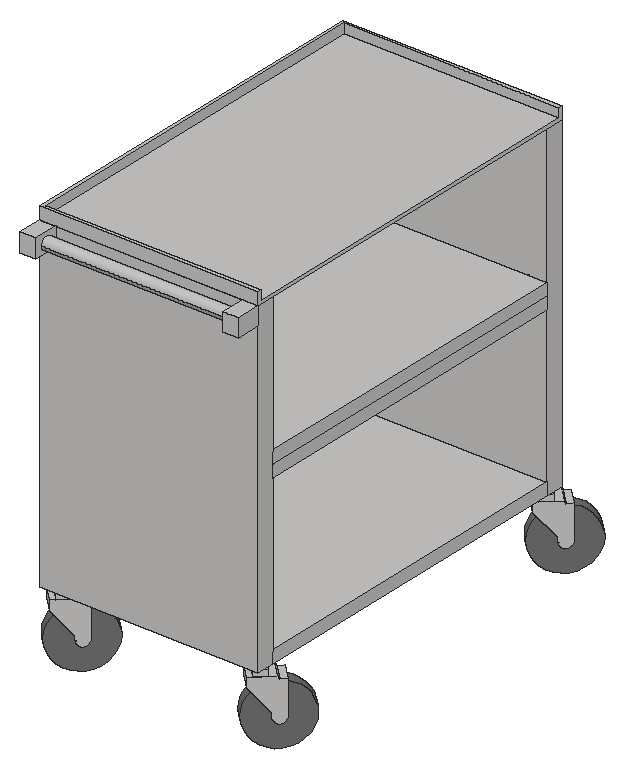
Revit family "QF_Vollrath_97181", category Specialty Equipment, Revit 2016
Family settings
  Part Type = Normal
  Round Connector Dimension = Use Diameter
  OmniClass Number = 23.40.40.14.17
  OmniClass Title = Food Cooking Equipment
  Work Plane-Based = No
  Always vertical = Yes
  Cut with Voids When Loaded = No
  Shared = No
  Room Calculation Point = No
Parameters (values of type "97182")
  Width [instance] = 17.75"
  Weight in Pounds = 75.35
  Watermarked By = "http://revitwatermark.com"
  URL Cutsheet = ""
  URL = ""
  Status [instance] = ""
  Specification by User [instance] = ""
  Specification by Manufacturer [instance] = ""
  Serial Number [instance] = ""
  Seismic Rating [instance] = ""
  Revision Code [instance] = ""
  NAFEM Spec ID Number [instance] = ""
  Model = "97182"
  Masterspec = ""
  Manufacturer = "Vollrath"
  Item Number [instance] = "-"
  Installed By [instance] = ""
  Identify Quantity as Lot [instance] = no
  Furnished By [instance] = ""
  Foodservice Equipment Identifier [instance] = yes
  Description = "Cart, Bussing"
  Depth [instance] = 39.25"
  CSI MasterFormat = "11 48 13"
  Assembly Code = "E1090320"
Reference planes (in)
  plane 1 "BACK": y = -5.12
  plane 2: z = 0
  plane 3 "LEFT": x = 0
  plane 4 "TOP": z = 33.75
  plane 5 "RIGHT": x = 17.75
  plane 6 "FRONT": y = -37.97
  plane 7: z = 6
  plane 8: z = 7
  plane 9: x = 1.5
  plane 10: y = -6.62
  plane 11: x = 16.25
  plane 12: y = -35.97
  plane 13: y = -21.545
  plane 14: z = 19.56
  plane 15: x = 8.875
  plane 16: y = -34.47
  plane 17: z = 32.75
Forms (in)
  Extrusion 1, solid, material "QF_Finishes_Stainless Steel"
    sketch origin (0, 0, 16.75) x (-1, 0, 0) y (0, -1, 0)
      loop
        line (-17.75, 6.62) -> (-17.75, 5.12) -> (0, 5.12) -> (0, 35.97) -> (-17.75, 35.97) -> (-17.75, 34.47) -> (-1.5, 34.47) -> (-1.5, 6.62) -> (-17.75, 6.62)
    from -10.75 to 16
  Extrusion 2, solid, material "QF_Finishes_Stainless Steel"
    sketch origin (0, 0, 16.75) x (-1, 0, 0) y (0, -1, 0)
      loop
        line (-1.5, 6.62) -> (-1.5, 34.47) -> (-16.25, 34.47) -> (-17.75, 34.47) -> (-17.75, 6.62) -> (-16.25, 6.62) -> (-1.5, 6.62)
    from -10.75 to -9.75
  Extrusion 3, solid, material "QF_Finishes_Stainless Steel"
    sketch origin (0, 2, 0) x (0, 1, 0) y (0, 0, 1)
      loop
        line (-37.97, 31.25) -> (-37.97, 32.75) -> (-39.97, 32.75) -> (-39.97, 31.25) -> (-37.97, 31.25)
    from 0 to 1.27197
  Extrusion 4, solid, material "QF_Finishes_Stainless Steel"
    sketch origin (0, 2, 0) x (0, 1, 0) y (0, 0, 1)
      loop
        circle (-38.94025, 31.98636) r 0.5
    from 1.27197 to 16.47803
  Extrusion 5, solid, material "QF_Finishes_Stainless Steel"
    sketch origin (0, 0, 30.31) x (-1, 0, 0) y (0, -1, 0)
      loop
        line (-1.5, 6.62) -> (-1.5, 34.47) -> (-16.25, 34.47) -> (-17.75, 34.47) -> (-17.75, 6.62) -> (-16.25, 6.62) -> (-1.5, 6.62)
    from -10.75 to -9.75
  Extrusion 6, solid, material "QF_Finishes_Stainless Steel"
    sketch origin (0, -0.03855, 31.31) x (-1, 0, 0) y (0, -1, 0)
      loop
        line (-1.5, 6.58145) -> (-1.5, 6.62) -> (-1.5, 34.43145) -> (-16.25, 34.43145) -> (-17.75, 34.43145) -> (-17.75, 6.62) -> (-16.25, 6.62) -> (-16.25, 6.58145) -> (-1.5, 6.58145)
    from -10.75 to -9.75
  Extrusion 7, solid, material "QF_Finishes_Stainless Steel"
    sketch origin (17.75, 2, 0) x (0, 1, 0) y (0, 0, -1)
      loop
        line (-37.97, -31.25) -> (-39.97, -31.25) -> (-39.97, -32.75) -> (-37.97, -32.75) -> (-37.97, -31.25)
    from 0 to 1.27197
  Sweep 8, solid, material "QF_Finishes_Stainless Steel"
    path origin (0, 0, 0) x (1, 0, 0) y (0, 1, 0)
      loop
        line (17.75, -5.12) -> (0, -5.12) -> (0, -35.97) -> (17.75, -35.97)
    profile origin (8.875, -5.12, 0) x (0, -1, 0) y (0, 0, 1)
      loop
        line (1.5, 32.75) -> (1.5, 33) -> (0.25, 33) -> (0.25, 33.75) -> (0, 33.75) -> (0, 32.75) -> (1.5, 32.75)
  Extrusion 9, solid, material "QF_Finishes_Stainless Steel"
    sketch origin (0, 0, 16.75) x (-1, 0, 0) y (0, -1, 0)
      loop
        line (-1.5, 6.62) -> (-1.5, 34.47) -> (-17.75, 34.47) -> (-17.75, 6.62) -> (-1.5, 6.62)
    from 16 to 16.25
Cuts and joins
  joined: Sweep 8, Extrusion 9
Lines and regions (in)
  symbolic lines
    curve 1: line (0, -5.12, 16.75) -> (0, -35.97, 16.75)
    curve 2: line (17.75, -35.97, 16.75) -> (17.75, -5.12, 16.75)
    curve 3: line (0, -35.97, 16.75) -> (17.75, -35.97, 16.75)
    curve 4: line (17.75, -37.97, 16.75) -> (16.47803, -37.97, 16.75)
    curve 5: line (16.47803, -35.97, 16.75) -> (16.47803, -37.97, 16.75)
    curve 6: line (16.47803, -37.44025, 16.75) -> (1.27197, -37.44025, 16.75)
    curve 7: line (1.27197, -37.97, 16.75) -> (1.27197, -35.97, 16.75)
    curve 8: line (1.27197, -37.97, 16.75) -> (0, -37.97, 16.75)
    curve 9: line (0, -35.97, 16.75) -> (0, -37.97, 16.75)
    curve 10: line (1.27197, -36.47, 16.75) -> (16.47803, -36.47, 16.75)
    curve 11: line (17.75, -35.97, 16.75) -> (17.75, -37.97, 16.75)
    curve 12: line (17.75, -5.12, 16.75) -> (0, -5.12, 16.75)
Dimensions and locks (in)
  plane 4 "TOP" to level = 33.75"
  "Width": plane 3 "LEFT" to plane 5 "RIGHT"
  plane 10 to plane 1 "BACK" = 1.50"
  plane 6 "FRONT" to plane 12 = 2.00"
  plane 6 "FRONT" to plane 1 "BACK" = 32.85"
  equal spacing: plane 6 "FRONT", plane 13, plane 1 "BACK"
  plane 1 "BACK" to plane 6 "FRONT" = 32.85"
  equal spacing: plane 5 "RIGHT", plane 15, plane 3 "LEFT"
  plane 16 to plane 12 = 1.50"
  plane 3 "LEFT" to plane 9 = 1.50"
  plane 11 to plane 5 "RIGHT" = 1.50"
  aligned and locked: level to plane 2
  aligned: Extrusion 1 to Extrusion 2  (x2)
  aligned: plane 16 to Extrusion 1
Automatic sketch dimensions
  Extrusion 2 sketch curve to plane 5 "RIGHT" = 0.00"
  plane 1 "BACK" to Extrusion 2 sketch curve = 1.50"
  Extrusion 2 sketch curve to plane 11 = 0.00"  (x4)
  Extrusion 2 sketch curve to plane 9 = 0.00"  (x2)
  plane 3 "LEFT" to Extrusion 2 sketch curve = 1.50"
  plane 10 to Extrusion 2 sketch curve = 0.00"  (x2)
  Extrusion 2 sketch curve to plane 12 = 1.50"  (x2)
  Extrusion 3 sketch curve to plane 6 "FRONT" = 0.00"
  Extrusion 3 sketch curve to plane 12 = 0.00"
  Extrusion 3 sketch curve to plane 4 "TOP" = 2.50"
  Extrusion 3 sketch curve to plane 4 "TOP" = 1.00"
  plane 12 to Extrusion 4 sketch curve = 0.97025"
  Extrusion 4 sketch curve to plane 4 "TOP" = 1.76364"
  Extrusion 5 sketch curve to plane 5 "RIGHT" = 0.00"
  plane 1 "BACK" to Extrusion 5 sketch curve = 1.50"
  Extrusion 5 sketch curve to plane 11 = 0.00"  (x4)
  Extrusion 5 sketch curve to plane 9 = 0.00"  (x2)
  plane 3 "LEFT" to Extrusion 5 sketch curve = 1.50"
  plane 10 to Extrusion 5 sketch curve = 0.00"  (x2)
  Extrusion 5 sketch curve to plane 12 = 1.50"  (x2)
  Extrusion 6 sketch curve to plane 5 "RIGHT" = 0.00"
  Extrusion 6 sketch curve to plane 11 = 0.00"  (x3)
  Extrusion 6 sketch curve to plane 9 = 0.00"  (x2)
  plane 3 "LEFT" to Extrusion 6 sketch curve = 1.50"
  plane 1 "BACK" to Extrusion 6 sketch curve = 1.50"
  plane 10 to Extrusion 6 sketch curve = 0.03855"  (x2)
  Extrusion 6 sketch curve to plane 12 = 1.50"  (x2)
  Extrusion 7 sketch curve to plane 6 "FRONT" = 0.00"
  Extrusion 7 sketch curve to plane 12 = 0.00"
  Extrusion 7 sketch curve to plane 4 "TOP" = 1.00"
  Extrusion 7 sketch curve to Extrusion 7 sketch curve = 1.50"
  plane 1 "BACK" to Sweep 8 sketch curve = 0.00"
  Sweep 8 sketch curve to plane 3 "LEFT" = 0.00"
  Sweep 8 sketch curve to plane 5 "RIGHT" = 0.00"  (x2)
  plane 12 to Sweep 8 sketch curve = 0.00"
  Sweep 8 sketch curve to profile plane = 0.00"
  Sweep 8 sketch curve to Sweep 8 sketch curve = 0.25"  (x2)
  Sweep 8 sketch curve to Sweep 8 sketch curve = 1.25"
  level to Sweep 8 sketch curve = 32.75"
  Sweep 8 sketch curve to Sweep 8 sketch curve = 0.75"
  Extrusion 9 sketch curve to plane 5 "RIGHT" = 0.00"
  Extrusion 9 sketch curve to plane 9 = 0.00"
  Extrusion 9 sketch curve to plane 16 = 0.00"
  plane 10 to Extrusion 9 sketch curve = 0.00"
  Extrusion 1 sketch curve to plane 5 "RIGHT" = 0.00"  (x2)
  Extrusion 1 sketch curve to plane 9 = 0.00"
  plane 1 "BACK" to Extrusion 1 sketch curve = 0.00"
  Extrusion 1 sketch curve to plane 3 "LEFT" = 0.00"
  plane 10 to Extrusion 1 sketch curve = 0.00"
  Extrusion 1 sketch curve to plane 16 = 0.00"
  plane 12 to Extrusion 1 sketch curve = 0.00"
  Extrusion 6 sketch curve to plane 16 = 0.00"
  Extrusion 5 sketch curve to plane 16 = 0.00"
  Extrusion 2 sketch curve to plane 16 = 0.00"
  Extrusion 6 sketch curve to Extrusion 6 sketch curve = 0.00"
  curve 11 to plane 5 "RIGHT" = 0.00"
  plane 6 "FRONT" to curve 4 = 0.00"
  plane 12 to curve 5 = 0.00"
  plane 6 "FRONT" to curve 7 = 0.00"
  curve 9 to plane 3 "LEFT" = 0.00"
  plane 1 "BACK" to curve 1 = 0.00"
  plane 11 to curve 4 = 0.22803"
  curve 6 to plane 9 = 0.22803"
  curve 7 to curve 10 = 0.50"
  curve 6 to plane 6 "FRONT" = 0.52975"
  radius of Extrusion 4 sketch curve = 0.50"
Nested families (in)
  nested 1: "FESCaster" at (1, -5.87, 0), type "FESCaster"
    with Height 6.00", Caster Radius 2.50"
  nested 2: "FESCaster" at (17, -5.87, 0), type "FESCaster"
    with Height 6.00", Caster Radius 2.50"
  nested 3: "FESCaster" at (1, -34.97, 0), type "FESCaster"
    with Height 6.00", Caster Radius 2.50"
  nested 4: "FESCaster" at (17, -34.97, 0), type "FESCaster"
    with Height 6.00", Caster Radius 2.50"
Definition of nested family "FESCaster"
  Parameters
    Watermarked By = "http://revitwatermark.com"
    Type Comments = "⍁⍉⌁⌀⏭⎽⌇⍠⌜⍉⎖⌥⌦⌯⍭⏊⍻⍿⍊⏵⍊⏗⏠⍴⎡⌈⎀⍠⌓⌤⏘⎐⍀⌐⏬⏁⎈⏍⏦⎒⏬⌝⍩⍇⌣〈⎫〉⎁⏊⍥⍖⍥⍝⍦⌖⍀⏌⏭⎝⎼⏷⏞⍻⏯⎽⏷⏞⍻⏯⎽⏷⎺⌻⎝⍎⌧⏷⏟⏿⌿⍜⍦⍤⌁⍬⏶⏎⍊⏚⏉⎞⌡⎀⎪⏈⌟⌿⍾⍼⌟⌿⌢⌞⏞⏝⌻⎸⎻⎷⎳⎻⎛⌞⌼⏚⍿⏸⍨⏷⍡⍺⏼⏅⎏⌽⌻⍽⎝⍮⎧⍏⏳⏲⎼⏈⏋⏙⎏⏽⏘⍹⏞⌜⏼⍴⏶⏮⏿⌁"
    Height [instance] = 6.00"
    Caster Radius [instance] = if(Height < 3.00", 1.00", (Height / 2) - 0.50")  # 2.50"
    Assembly Code = ""
  Reference planes (in)
    plane 1 "Center (Front/Back)": y = 0
    plane 2: z = 0
    plane 3 "Center (Left/Right)": x = 0
    plane 4: z = 6
    plane 5: z = 5.5
  Forms (in)
    Extrusion 1, solid
      sketch origin (-24.12131, -22.88887, 10.18833) x (0.707107, 0.707107, 0) y (0, 0, 1)
        loop
          line (34.98772, -7.68833) -> (34.98772, -4.93833) -> (34.48772, -4.93833) -> (34.39402, -4.68833) -> (32.39402, -4.68833) -> (32.39402, -5.43833) -> (33.98772, -7.34206) -> (33.98772, -7.68833)
          arc (33.98772, -7.68833) -> (34.48772, -8.18833) -> (34.98772, -7.68833) r 0.5
      from 0 to 1.75
    Extrusion 2, solid
      sketch origin (-24.32327, -23.09083, 13.31461) x (0.707107, 0.707107, 0) y (0, 0, 1)
        loop
          circle (34.77334, -10.81461) r 2.5
      from 0.375 to 1.375
    Extrusion 3, solid
      sketch origin (-7.24148, -8.48391, 0) x (0.707107, 0.707107, 0) y (0, 0, 1)
        loop
          line (10.61603, 5.5) -> (11.61603, 5.5) -> (11.61603, 6) -> (10.61603, 6) -> (10.61603, 5.5)
      from 0 to -1.75
  Lines and regions (in)
    symbolic lines
      curve 1: line (-1.26158, -0.51911, 0) -> (1.39007, 2.13254, 0)
      curve 2: line (-0.53429, -1.24639, 0) -> (2.11736, 1.40526, 0)
      curve 3: line (-1.26158, -0.51911, 0) -> (1.39007, 2.13254, 0)
      curve 4: line (-0.53429, -1.24639, 0) -> (2.11736, 1.40526, 0)
  Dimensions and locks (in)
    locked: plane 4 to plane 5 at 0.5
    "Height": plane 4 to level
    "Caster Radius": Extrusion 2 sketch curve to level
    "Caster Radius": Extrusion 1 sketch curve to level
    "Caster Radius": radius of Extrusion 2 sketch curve
    aligned and locked: plane 2 to level
    aligned and locked: Extrusion 3 to plane 5
    aligned and locked: plane 4 to Extrusion 3
    aligned and locked: plane 5 to Extrusion 1
  Automatic sketch dimensions
    plane 1 "Center (Front/Back)" to curve 3 = 0.51911"
    curve 3 to plane 3 "Center (Left/Right)" = 1.26158"
    plane 1 "Center (Front/Back)" to curve 1 = 0.51911"
    curve 1 to curve 3 = 0.00"  (x3)
    curve 4 to plane 3 "Center (Left/Right)" = 0.53429"
    curve 2 to curve 4 = 0.00"  (x2)
    plane 3 "Center (Left/Right)" to curve 3 = 1.39007"
    curve 1 to curve 4 = 0.72729"
    curve 2 to curve 1 = 0.72729"
    curve 4 to curve 2 = 0.00"  (x2)
    curve 2 to plane 1 "Center (Front/Back)" = 1.40526"
    curve 2 to curve 3 = 0.72729"
    plane 5 to Extrusion 1 sketch curve = 0.00"
    Extrusion 1 sketch curve to Extrusion 1 sketch curve = 1.5937"
    Extrusion 1 sketch curve to Extrusion 1 sketch curve = 2.00"
    Extrusion 1 sketch curve to Extrusion 1 sketch curve = 0.0937"
    Extrusion 1 sketch curve to Extrusion 1 sketch curve = 0.50"
    Extrusion 1 sketch curve to Extrusion 1 sketch curve = 0.34627"
    Extrusion 1 sketch curve to plane 5 = 0.75"
    Extrusion 1 sketch curve to plane 5 = 0.25"
    Extrusion 3 sketch curve to plane 5 = 0.00"
    plane 4 to Extrusion 3 sketch curve = 0.00"
    Extrusion 3 sketch curve to Extrusion 3 sketch curve = 1.00"
